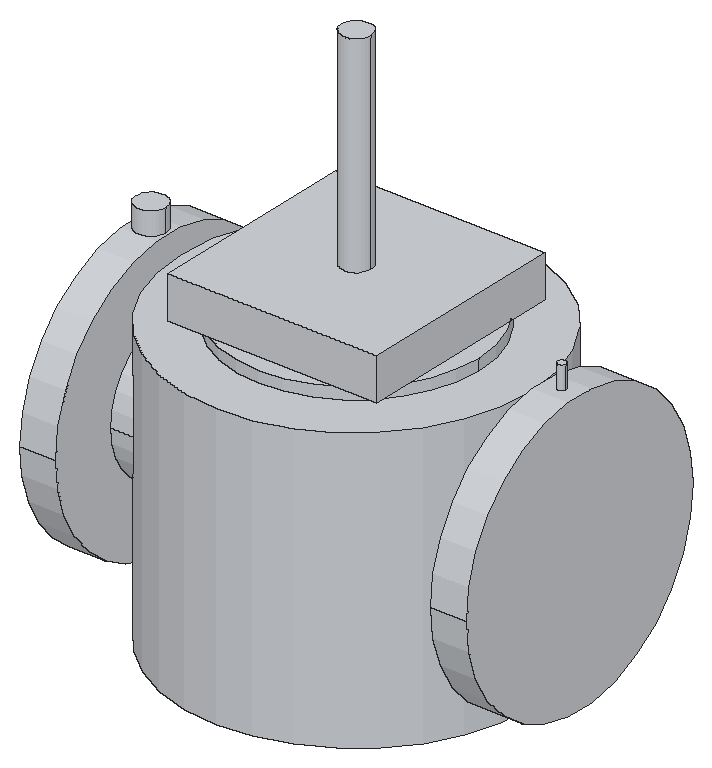
Revit family "OPTIMA_Compact_FLANGE_PN16_DN200-LF_RFA_2019", category Pipe Accessories, Revit 2019
Family settings
  Round Connector Dimension = Use Diameter
  Part Type = Valve - Breaks Into
  Work Plane-Based = No
  Always vertical = Yes
  Cut with Voids When Loaded = No
  Shared = No
Parameters (values of type "Optima Compact Flange PN16 DN200 LF")
  magiProductId = ""
  magiProductFamilyId = ""
  magiPartTypeId = 304
  isMeasuringValve [instance] = no
  ang2D [instance] = 0.00°
  W2D = 100 mm
  VersionID = "2.0/2018.8.28.1/FRESE_OPTIMA_FLANGE_Q13_002"
  Use Minimum Symbol Size [instance] = yes
  URL = "www.hydronic.cz"
  Type Comments = "Přírubový; PN16; 0~110°C, s měřením"
  R4 = 164.5 mm
  R3 = 98.8 mm
  R1 = 235 mm
  QmdConnectorList = "301;D;302;D"
  Productdata [instance] = ""
  Manufacturer = "Hydronic Systems Prague s.r.o."
  MC Product Code = "53-1206 (DN200 LF; 43mm; pohon min 1500N; Qmin-dpmin 95000l/h-11.0kPa; Qmax-dpmin 210000l/h-32.0kPa; dpmax 800kPa)"
  MC Piping Given Pressure Drop [instance] = 0.0 Pa
  LF__ve = -LF  # -48 mm
  LF2 = 24 mm
  LF = 48 mm
  L4 = 282 mm
  L3 = 504 mm
  L2D_Min = 3048 mm
  L2D = 350 mm
  L2 = 300 mm
  H6 = 281 mm
  H4 = 57 mm
  H3 = 15 mm
  H2 = 209 mm
  H1 = 380 mm
  Description = "Tlakově nezávislý 2-cestný regulační vyvažovací ventil (PICV)"
  DF2 = 190 mm
  D = 200 mm
  CAT0 = yes
Types (14, lengths in mm): name | magiProductId | magiProductFamilyId | W2D | Type Comments | R4 | R3 | R1 | MC Product Code | LF__ve | LF2 | LF | L4 | L3 | L2D | L2 | H6 | H4 | H3 | H2 | H1 | DF2 | D
  Optima Compact Flange PN16 DN050 LF | "Frese Optima Flange DN050 LF" | "Frese Optima Flange *" | 50 | "Přírubový; PN16; 0~120°C, s měřením" | 40.3 | 42.9 | 57.5 | "53-1200 (DN50 LF; 20mm; pohon min 1000N; Qmin-dpmin 2500l/h-6.5kPa; Qmax-dpmin 15000l/h-20.0kPa; dpmax 800kPa)" | -18.4 | 9.2 | 18.4 | 108.1 | 193.2 | 230 | 115 | 157.3 | 24.8 | 20.6 | 61.9 | 123.8 | 82.5 | 50
  Optima Compact Flange PN16 DN050 HF | "Frese Optima Flange DN050 HF" | "Frese Optima Flange *" | 50 | "Přírubový; PN16; 0~120°C, s měřením" | 40.25 | 42.9 | 57.5 | "53-1210 (DN50 HF; 20mm; pohon min 1000N; Qmin-dpmin 3900l/h-19.0kPa; Qmax-dpmin 24000l/h-50.0kPa; dpmax 800kPa)" | -18.4 | 9.2 | 18.4 | 108.1 | 193.2 | 230 | 115 | 157.25 | 24.75 | 20.625 | 61.875 | 123.75 | 82.5 | 50
  Optima Compact Flange PN16 DN065 LF | "Frese Optima Flange DN065 LF" | "Frese Optima Flange *" | 50 | "Přírubový; PN16; 0~120°C, s měřením" | 50.75 | 48.1 | 72.5 | "53-1201 (DN65 LF; 20mm; pohon min 1000N; Qmin-dpmin 4400l/h-15.0kPa; Qmax-dpmin 25000l/h-25.0kPa; dpmax 800kPa)" | -23.2 | 11.6 | 23.2 | 136.3 | 243.6 | 230 | 145 | 171.25 | 27.75 | 23.125 | 69.375 | 138.75 | 92.5 | 65
  Optima Compact Flange PN16 DN065 HF | "Frese Optima Flange DN065 HF" | "Frese Optima Flange *" | 50 | "Přírubový; PN16; 0~120°C, s měřením" | 50.75 | 48.1 | 72.5 | "53-1211 (DN65 HF; 20mm; pohon min 1000N; Qmin-dpmin 6000l/h-30.0kPa; Qmax-dpmin 35000l/h-55.0kPa; dpmax 800kPa)" | -23.2 | 11.6 | 23.2 | 136.3 | 243.6 | 230 | 145 | 171.25 | 27.75 | 23.125 | 69.375 | 138.75 | 92.5 | 65
  Optima Compact Flange PN16 DN080 LF | "Frese Optima Flange DN080 LF" | "Frese Optima Flange *" | 50 | "Přírubový; PN16; 0~120°C, s měřením" | 54.25 | 52 | 77.5 | "53-1202 (DN80 LF; 20mm; pohon min 1000N; Qmin-dpmin 5300l/h-16.0kPa; Qmax-dpmin 34000l/h-25.0kPa; dpmax 800kPa)" | -24.8 | 12.4 | 24.8 | 145.7 | 260.4 | 230 | 155 | 183 | 30 | 25 | 75 | 150 | 100 | 80
  Optima Compact Flange PN16 DN080 HF | "Frese Optima Flange DN080 HF" | "Frese Optima Flange *" | 50 | "Přírubový; PN16; 0~120°C, s měřením" | 54.25 | 52 | 77.5 | "53-1212 (DN80 HF; 20mm; pohon min 1000N; Qmin-dpmin 7000l/h-23.0kPa; Qmax-dpmin 43000l/h-50.0kPa; dpmax 800kPa)" | -24.8 | 12.4 | 24.8 | 145.7 | 260.4 | 230 | 155 | 183 | 30 | 25 | 75 | 150 | 100 | 80
  Optima Compact Flange PN16 DN100 LF | "Frese Optima Flange DN100 LF" | "Frese Optima Flange *" | 50 | "Přírubový; PN16; 0~120°C, s měřením" | 61.25 | 61.1 | 87.5 | "53-1203 (DN100 LF; 40mm; pohon min 1000N; Qmin-dpmin 12100l/h-20.0kPa; Qmax-dpmin 68000l/h-35.0kPa; dpmax 800kPa)" | -28 | 14 | 28 | 164.5 | 294 | 230 | 175 | 268.75 | 35.25 | 29.375 | 88.125 | 176.25 | 117.5 | 100
  Optima Compact Flange PN16 DN100 HF | "Frese Optima Flange DN100 HF" | "Frese Optima Flange *" | 50 | "Přírubový; PN16; 0~120°C, s měřením" | 61.25 | 61.1 | 87.5 | "53-1213 (DN100 HF; 40mm; pohon min 1000N; Qmin-dpmin 14800l/h-30.0kPa; Qmax-dpmin 90000l/h-75.0kPa; dpmax 800kPa)" | -28 | 14 | 28 | 164.5 | 294 | 230 | 175 | 268.75 | 35.25 | 29.375 | 88.125 | 176.25 | 117.5 | 100
  Optima Compact Flange PN16 DN125 LF | "Frese Optima Flange DN125 LF" | "Frese Optima Flange *" | 50 | "Přírubový; PN16; 0~120°C, s měřením" | 70 | 70.2 | 100 | "53-1204 (DN125 LF; 40mm; pohon min 1000N; Qmin-dpmin 18500l/h-16.0kPa; Qmax-dpmin 110000l/h-35.0kPa; dpmax 800kPa)" | -32 | 16 | 32 | 188 | 336 | 230 | 200 | 275.5 | 40.5 | 33.75 | 101.25 | 202.5 | 135 | 125
  Optima Compact Flange PN16 DN125 HF | "Frese Optima Flange DN125 HF" | "Frese Optima Flange *" | 50 | "Přírubový; PN16; 0~120°C, s měřením" | 70 | 70.2 | 100 | "53-1214 (DN125 HF; 40mm; pohon min 1000N; Qmin-dpmin 23000l/h-27.0kPa; Qmax-dpmin 135000l/h-53.0kPa; dpmax 800kPa)" | -32 | 16 | 32 | 188 | 336 | 230 | 200 | 275.5 | 40.5 | 33.75 | 101.25 | 202.5 | 135 | 125
  Optima Compact Flange PN16 DN150 LF | "Frese Optima Flange DN150 LF" | "Frese Optima Flange *" | 50 | "Přírubový; PN16; 0~110°C, s měřením" | 84 | 74.1 | 120 | "53-1205 (DN150 LF; 43mm; pohon min 1500N; Qmin-dpmin 25600l/h-21.0kPa; Qmax-dpmin 148000l/h-35.0kPa; dpmax 800kPa)" | -38.4 | 19.2 | 38.4 | 225.6 | 403.2 | 230 | 240 | 279.25 | 42.75 | 35.625 | 106.875 | 213.75 | 142.5 | 150
  Optima Compact Flange PN16 DN150 HF | "Frese Optima Flange DN150 HF" | "Frese Optima Flange *" | 50 | "Přírubový; PN16; 0~110°C, s měřením" | 84 | 74.1 | 120 | "53-1215 (DN150 HF; 43mm; pohon min 1500N; Qmin-dpmin 32000l/h-33.0kPa; Qmax-dpmin 195000l/h-65.0kPa; dpmax 800kPa)" | -38.4 | 19.2 | 38.4 | 225.6 | 403.2 | 230 | 240 | 279.25 | 42.75 | 35.625 | 106.875 | 213.75 | 142.5 | 150
  Optima Compact Flange PN16 DN200 LF | "" | "" | 100 | "Přírubový; PN16; 0~110°C, s měřením" | 164.5 | 98.8 | 235 | "53-1206 (DN200 LF; 43mm; pohon min 1500N; Qmin-dpmin 95000l/h-11.0kPa; Qmax-dpmin 210000l/h-32.0kPa; dpmax 800kPa)" | -48 | 24 | 48 | 282 | 504 | 350 | 300 | 281 | 57 | 15 | 209 | 380 | 190 | 200
  Optima Compact Flange PN16 DN200 HF | "" | "" | 100 | "Přírubový; PN16; 0~110°C, s měřením" | 164.5 | 98.8 | 235 | "53-1216 (DN200 HF; 43mm; pohon min 1500N; Qmin-dpmin 130000l/h-31.0kPa; Qmax-dpmin 280000l/h-78.0kPa; dpmax 800kPa)" | -48 | 24 | 48 | 282 | 504 | 350 | 300 | 281 | 57 | 15 | 209 | 380 | 190 | 200
Reference planes
  plane 1 "Center (Front/Back)": y = 0
  plane 2 "XYPLANE": z = 0
  plane 3 "Center (Left/Right)": x = 0
  plane 4 "157": x = 276
  plane 5 "156": x = -276
  plane 6 "155": z = 190
  plane 7 "154": z = 243
  plane 8 "153": z = 186
  plane 9 "152": z = 171
  plane 10 "151": x = -252
  plane 11 "150": z = -209
  plane 12 "149": x = 0
  plane 13 "148": y = 0
  plane 14 "147": z = 0
  plane 15 "146": x = -300
  plane 16 "145": x = 300
Forms (mm)
  Extrusion 1, solid, visible <- "CAT0"
    sketch origin (-750, 0, 190) x (1, 0, 0) y (0, 1, 0)
      loop
        circle (1026, 0) r 5.5
    from 0 to 30
  Extrusion 2, solid, visible <- "CAT0"
    sketch origin (-750, 0, 190) x (1, 0, 0) y (0, 1, 0)
      loop
        circle (474, 0) r 20.3
    from 0 to 30
  Extrusion 3, solid, visible <- "CAT0"
    sketch origin (-750, 0, 243) x (1, 0, 0) y (0, 1, 0)
      loop
        circle (750, 0) r 20
    from 0 to 281 <- "H6"
  Extrusion 4, solid, visible <- "CAT0"
    sketch origin (-750, 0, 186) x (1, 0, 0) y (0, 1, 0)
      loop
        line (891, 141) -> (609, 141) -> (609, -141) -> (891, -141) -> (891, 141)
    from 0 to 57 <- "H4"
  Extrusion 5, solid, visible <- "CAT0"
    sketch origin (-750, 0, 171) x (1, 0, 0) y (0, 1, 0)
      loop
        circle (750, 0) r 164.5
    from 0 to 15 <- "H3"
  Extrusion 6, solid, visible <- "CAT0"
    sketch origin (-252, -750, 0) x (0, 1, 0) y (0, 0, 1)
      loop
        circle (750, 0) r 98.8
    from 0 to 504 <- "L3"
  Extrusion 7, solid, visible <- "CAT0"
    sketch origin (-750, 0, -209) x (1, 0, 0) y (0, 1, 0)
      loop
        circle (750, 0) r 235
    from 0 to 380 <- "H1"
  Extrusion 8, solid, visible <- "CAT0"
    sketch origin (-300, -750, 0) x (0, 1, 0) y (0, 0, 1)
      loop
        circle (750, 0) r 190
    from 0 to 48 <- "LF"
  Extrusion 9, solid, visible <- "CAT0"
    sketch origin (300, -750, 0) x (0, 1, 0) y (0, 0, 1)
      loop
        circle (750, 0) r 190
    from 0 to -48 <- "LF__ve"
  Extrusion 10, solid, not visible
    sketch origin (-300, -750, 0) x (0, 1, 0) y (0, 0, 1)
      loop
        circle (750, 0) r 10
    from 0 to 10
  Extrusion 11, solid, not visible
    sketch origin (300, -750, 0) x (0, 1, 0) y (0, 0, 1)
      loop
        circle (750, 0) r 10
    from 0 to -10
Lines and regions (mm)
  reference lines, not visible
    curve 1: circle (2, 2, 0) r 1 normal (0, 0, 1)
  reference lines
    curve 2: circle (0, 0, 186) r 1 normal (0, 0, 1)
Dimensions and locks
  plane 1 "Center (Front/Back)" to curve 1 = 2 mm
  "LF2": plane 16 "145" to plane 4 "157"
  "LF2": plane 15 "146" to plane 5 "156"
  "DF2": plane 2 "XYPLANE" to plane 6 "155"
  "H4": plane 8 "153" to plane 7 "154"
  "H3": plane 9 "152" to plane 8 "153"
  "H1": plane 11 "150" to plane 9 "152"
  "LF": plane 15 "146" to plane 10 "151"
  "H2": plane 2 "XYPLANE" to plane 11 "150"
  locked: plane 3 "Center (Left/Right)" to plane 12 "149"
  locked: plane 1 "Center (Front/Back)" to plane 13 "148"
  locked: plane 2 "XYPLANE" to plane 14 "147"
  "L2": plane 3 "Center (Left/Right)" to plane 15 "146"
  "L2": plane 3 "Center (Left/Right)" to plane 16 "145"
  equal spacing: Extrusion 4 sketch curve, curve 2, Extrusion 4 sketch curve  (x2)
  "L4": Extrusion 4 sketch curve to Extrusion 4 sketch curve  (x2)
  Extrusion 4 sketch curve to Extrusion 4 sketch curve = 0 mm  (x8)
  "R4": radius of Extrusion 5 sketch curve
  "R3": radius of Extrusion 6 sketch curve
  "R1": radius of Extrusion 7 sketch curve
  "DF2": radius of Extrusion 8 sketch curve
  "DF2": radius of Extrusion 9 sketch curve
  aligned and locked: level to plane 2 "XYPLANE"
  aligned and locked: plane 4 "157" to Extrusion 1 sketch curve
  aligned and locked: plane 13 "148" to Extrusion 1 sketch curve
  aligned and locked: plane 5 "156" to Extrusion 2 sketch curve
  aligned and locked: plane 13 "148" to Extrusion 2 sketch curve
  aligned and locked: plane 12 "149" to Extrusion 3 sketch curve
  aligned and locked: plane 13 "148" to Extrusion 3 sketch curve
  aligned and locked: plane 12 "149" to curve 2
  aligned and locked: plane 13 "148" to curve 2
  aligned and locked: plane 12 "149" to Extrusion 5 sketch curve
  aligned and locked: plane 13 "148" to Extrusion 5 sketch curve
  aligned and locked: Extrusion 6 sketch curve to plane 13 "148"
  aligned and locked: plane 14 "147" to Extrusion 6 sketch curve
  aligned and locked: plane 12 "149" to Extrusion 7 sketch curve
  aligned and locked: plane 13 "148" to Extrusion 7 sketch curve
  aligned and locked: Extrusion 8 sketch curve to plane 13 "148"
  aligned and locked: plane 14 "147" to Extrusion 8 sketch curve
  aligned and locked: Extrusion 9 sketch curve to plane 13 "148"
  aligned and locked: plane 14 "147" to Extrusion 9 sketch curve
  aligned and locked: Extrusion 10 sketch curve to plane 13 "148"
  aligned and locked: plane 14 "147" to Extrusion 10 sketch curve
  aligned and locked: Extrusion 11 sketch curve to plane 13 "148"
  aligned and locked: plane 14 "147" to Extrusion 11 sketch curve
Automatic sketch dimensions
  Extrusion 1 sketch curve to plane 4 "157" = 5.5 mm
  plane 15 "146" to Extrusion 2 sketch curve = 3.7 mm
  Extrusion 3 sketch curve to plane 3 "Center (Left/Right)" = 20 mm
  plane 1 "Center (Front/Back)" to Extrusion 10 sketch curve = 10 mm
  plane 1 "Center (Front/Back)" to Extrusion 11 sketch curve = 10 mm
  plane 3 "Center (Left/Right)" to curve 1 = 2 mm
  plane 10 "151" to Extrusion 4 sketch curve = 111 mm
  plane 1 "Center (Front/Back)" to Extrusion 4 sketch curve = 141 mm
  radius of curve 2 = 1 mm
  radius of curve 1 = 1 mm
Connectors
  piping at (-300, 0, 0), diameter 200, driven by "D"
    settings: on Extrusion 10, index 1, connector inside diameter 609.6 mm, connector length 0 mm, flow factor 0, pipe flow 0.0 L/s, pressure drop 0.0 Pa, fitting loss kfactor 0, connector angle 0.00°, fixture units 0, engagement length 0 mm, angle of deflection 0.00°, flow configuration 0, flow direction 0, fitting loss method 0, system type 29, joint type 0, gender type 0, connector reference index 2, connector utility 0, adjustable connector no, is connector primary yes, connector description ""
  piping at (300, 0, 0), diameter 200, driven by "D"
    settings: on Extrusion 11, index 2, connector inside diameter 609.6 mm, connector length 0 mm, flow factor 0, pipe flow 0.0 L/s, pressure drop 0.0 Pa, fitting loss kfactor 0, connector angle 0.00°, fixture units 0, engagement length 0 mm, angle of deflection 0.00°, flow configuration 0, flow direction 0, fitting loss method 0, system type 29, joint type 0, gender type 0, connector reference index 1, connector utility 0, adjustable connector no, is connector primary no, connector description ""
